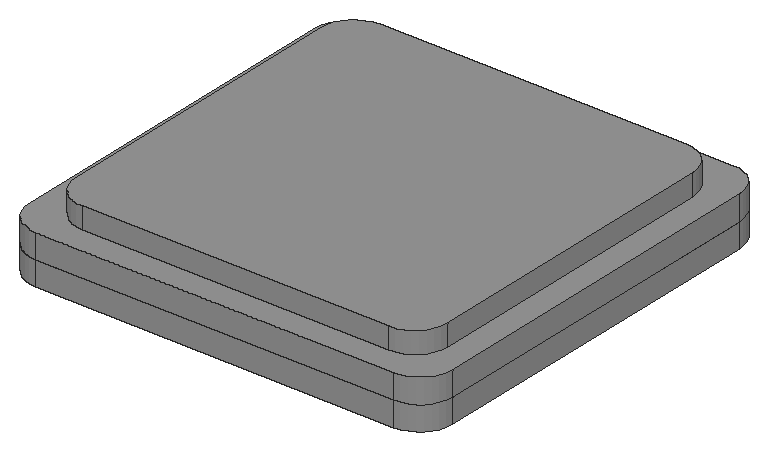
Revit family "FMS2_63_UN_Surface-mounted_ETK", category Lighting Fixtures, Revit 2019 (continued)
Definition of nested family "FMS.2 - Lightsource"
  Types (14, lengths in mm): name | Wattage Comments | Wattage | built-in parameter 1150134 | Photometric Web File | built-in parameter 1150142 | built-in parameter 1150105 | Lumens | built-in parameter 1150107 | built-in parameter 1150106 | Apparent Load
      9.7917\t123.2377\t116.8268\t110.5018\t104.1768\t97.9949\t91.9274\t85.9745\t80.136\t74.3834\r\n69.2032\t64.2519\t59.3579\t54.5211\t49.7416\t42.1573\t24.6733\t7.1321\t0\t0\r\n0\r\n985.6728\t985.1004\t984.528\t983.9556\t983.3832\t982.8108\t982.2384\t981.3798\t980.5212\t979.6626\r\n978.804\t977.6592\t976.2282\t974.7972\t973.3662\t971.9352\t970.5042\t969.0732\t967.356\t965.925\r\n964.2078\t962.4906\t960.4872\t958.1976\t956.1942\t953.9046\t951.615\t948.753\t946.1772\t943.8876\r\n941.598\t938.736\t935.874\t933.012\t930.4362\t927.5742\t924.9984\t921.564\t918.4158\t914.9814\r\n911.8332\t908.3988\t904.6782\t901.2438\t897.5232\t893.8026\t890.3682\t886.6476\t882.6408\t878.9202\r\n875.1996\t871.1928\t867.186\t862.893\t858.3138\t853.4484\t848.2968\t843.4314\t838.2798\t833.4144\r\n828.2628\t823.3974\t818.2458\t812.808\t807.3702\t801.9324\t796.7808\t791.343\t785.619\t779.895\r\n774.4572\t769.0194\t763.0092\t757.2852\t751.5612\t745.8372\t739.827\t734.103\t728.0928\t722.0826\r\n716.0724\t710.0622\t704.052\t698.0418\t692.0316\t685.7352\t679.725\t673.4286\t667.1322\t660.5496\r\n654.2532\t647.9568\t641.6604\t635.364\t628.4952\t621.3402\t613.899\t606.744\t599.589\t592.434\r\n585.279\t577.5516\t570.1104\t562.9554\t555.8004\t548.3592\t540.6318\t533.1906\t525.7494\t518.5944\r\n511.1532\t503.712\t496.2708\t488.8296\t481.3884\t473.9472\t466.2198\t458.7786\t451.6236\t443.8962\r\n435.8826\t427.869\t419.8554\t411.8418\t403.8282\t396.1008\t388.3734\t380.3598\t372.3462\t364.6188\r\n356.8914\t349.164\t341.4366\t333.9954\t326.268\t318.8268\t311.0994\t302.7996\t294.2136\t286.0569\r\n277.8716\t269.8294\t261.8158\t253.888\t245.9889\t238.147\t230.391\t222.7208\t215.1652\t207.495\r\n199.9966\t192.584\t185.2859\t178.0736\t170.9186\t163.8495\t156.8662\t149.9974\t143.1286\t136.2884\r\n129.5341\t122.8657\t116.3117\t109.8149\t103.4041\t97.079\t90.983\t85.5166\t80.136\t74.7841\r\n69.4607\t64.1947\t58.9858\t53.777\t39.467\t24.1467\t8.7949\t0\t0\t0\r\n0\r\n985.6728\t985.1004\t984.2418\t983.6694\t983.097\t982.5246\t981.666\t981.0936\t980.235\t979.3764\r\n978.2316\t977.373\t975.942\t974.2248\t972.7938\t971.3628\t969.9318\t968.5008\t967.0698\t965.3526\r\n963.6354\t961.9182\t960.201\t957.9114\t955.908\t953.9046\t951.615\t949.0392\t946.4634\t943.8876\r\n941.598\t939.3084\t936.4464\t933.5844\t930.7224\t928.1466\t925.2846\t922.7088\t919.5606\t916.4124\r\n913.2642\t909.8298\t906.6816\t903.2472\t899.5266\t896.0922\t891.7992\t887.5062\t883.2132\t878.9202\r\n874.6272\t870.048\t865.4688\t861.1758\t856.3104\t851.445\t846.2934\t841.428\t836.5626\t831.411\r\n826.5456\t821.394\t816.2424\t811.377\t806.5116\t801.36\t795.9222\t790.4844\t785.3328\t780.1812\r\n774.7434\t769.3056\t763.8678\t758.43\t752.9922\t747.2682\t741.5442\t735.8202\t730.0962\t724.3722\r\n718.6482\t712.9242\t706.6278\t699.759\t693.1764\t686.3076\t679.725\t673.1424\t666.5598\t659.691\r\n652.8222\t645.9534\t639.0846\t631.9296\t625.0608\t618.192\t611.3232\t604.4544\t597.5856\t590.4306\r\n583.5618\t576.4068\t569.538\t562.6692\t555.5142\t548.3592\t541.2042\t534.3354\t526.8942\t519.1668\r\n511.7256\t503.712\t495.9846\t488.2572\t480.5298\t473.0886\t465.3612\t457.92\t450.1926\t442.4652\r\n434.7378\t427.2966\t419.5692\t412.4142\t404.973\t397.2456\t389.8044\t381.7908\t373.491\t365.1912\r\n357.1776\t348.8778\t340.8642\t332.5644\t324.837\t316.8234\t308.8098\t300.7962\t292.7826\t284.8549\r\n277.0988\t269.3714\t261.4437\t253.516\t245.6455\t237.8322\t230.1334\t222.5205\t214.9934\t207.5236\r\n200.1397\t192.7843\t185.4862\t178.1595\t170.8614\t163.6492\t156.4942\t149.425\t142.4131\t135.4585\r\n128.5897\t121.7781\t115.0524\t108.756\t102.9748\t97.2508\t91.5554\t85.8886\t80.2505\t74.6696\r\n69.1173\t63.5936\t53.5194\t39.3239\t25.1141\t10.8899\t0\t0\t0\t0\r\n0\r\n985.6728\t985.1004\t984.2418\t983.6694\t982.8108\t982.2384\t981.3798\t980.8074\t979.6626\t978.804\r\n977.9454\t976.8006\t975.6558\t973.9386\t972.5076\t971.0766\t969.6456\t968.2146\t966.7836\t965.0664\r\n963.3492\t961.632\t959.9148\t958.1976\t956.1942\t953.9046\t951.9012\t949.6116\t947.0358\t944.46\r\n941.8842\t939.5946\t937.305\t934.7292\t931.8672\t929.2914\t926.7156\t923.8536\t921.2778\t918.1296\r\n914.409\t910.4022\t906.3954\t902.3886\t898.3818\t894.0888\t889.7958\t885.5028\t881.2098\t876.9168\r\n872.6238\t868.617\t864.0378\t859.4586\t854.8794\t850.5864\t846.0072\t841.1418\t836.2764\t831.411\r\n826.8318\t822.2526\t817.101\t811.9494\t806.7978\t801.9324\t797.067\t792.2016\t787.6224\t782.1846\r\n776.7468\t771.5952\t766.7298\t761.0058\t754.7094\t748.1268\t741.8304\t735.534\t729.5238\t722.9412\r\n716.6448\t710.3484\t703.7658\t697.1832\t690.8868\t684.3042\t677.7216\t671.4252\t664.8426\t658.26\r\n651.6774\t645.0948\t638.5122\t632.2158\t625.347\t618.7644\t611.8956\t605.313\t598.7304\t591.5754\r\n584.4204\t576.9792\t569.538\t562.0968\t554.9418\t547.5006\t540.0594\t532.6182\t525.177\t518.022\r\n510.5808\t503.1396\t495.9846\t488.5434\t481.1022\t473.9472\t466.7922\t459.6372\t452.196\t444.4686\r\n436.1688\t428.1552\t419.8554\t411.8418\t403.542\t395.5284\t387.5148\t379.7874\t371.7738\t363.7602\r\n355.7466\t347.733\t340.0056\t332.2782\t324.5508\t316.8234\t308.5236\t300.51\t292.4964\t284.6259\r\n276.7268\t268.8563\t261.043\t253.287\t245.5882\t237.9467\t230.3624\t222.8639\t215.3369\t207.724\r\n200.1683\t192.6412\t185.1714\t177.7302\t170.3749\t163.0481\t155.7787\t148.5664\t141.44\t134.3137\r\n127.8169\t121.7209\t115.6534\t109.6432\t103.633\t97.6801\t91.7557\t85.86\t79.9929\t74.1544\r\n67.7435\t54.1777\t40.6118\t27.0373\t13.4571\t0\t0\t0\t0\t0\r\n0\r\n985.6728\t984.8142\t984.2418\t983.3832\t982.8108\t981.9522\t981.0936\t980.5212\t979.3764\t978.5178\r\n977.373\t976.2282\t975.3696\t973.9386\t972.5076\t970.7904\t969.3594\t967.9284\t966.4974\t965.0664\r\n963.3492\t961.632\t959.9148\t958.1976\t956.4804\t954.477\t952.4736\t950.4702\t948.1806\t945.6048\r\n943.3152\t940.7394\t938.4498\t936.1602\t933.8706\t930.4362\t926.7156\t923.2812\t919.5606\t915.84\r\n912.1194\t908.685\t904.6782\t900.9576\t896.9508\t892.944\t888.651\t884.6442\t880.6374\t876.3444\r\n872.0514\t867.7584\t863.4654\t859.4586\t855.1656\t850.8726\t846.2934\t841.7142\t837.4212\t832.842\r\n828.2628\t823.3974\t818.532\t814.239\t809.946\t805.3668\t799.0704\t793.0602\t787.05\t781.0398\r\n775.3158\t769.5918\t763.8678\t757.8576\t751.8474\t745.551\t739.827\t733.8168\t727.8066\t721.7964\r\n715.5\t709.2036\t703.1934\t696.897\t690.8868\t684.8766\t678.8664\t672.57\t666.2736\t659.9772\r\n653.6808\t646.812\t639.657\t632.502\t625.6332\t618.4782\t611.3232\t604.1682\t597.0132\t590.1444\r\n582.9894\t575.8344\t568.6794\t561.5244\t554.6556\t547.5006\t540.6318\t533.4768\t526.3218\t519.1668\r\n512.298\t505.143\t497.7018\t489.6882\t481.6746\t473.661\t465.6474\t457.92\t449.9064\t442.179\r\n434.4516\t426.438\t418.7106\t410.697\t402.9696\t395.2422\t387.5148\t379.7874\t372.06\t364.3326\r\n356.0328\t348.0192\t340.0056\t331.992\t323.9784\t315.9648\t307.9512\t300.2238\t292.2102\t284.4542\r\n276.7268\t269.028\t261.3865\t253.8022\t246.0175\t238.147\t230.3624\t222.5777\t214.879\t207.1802\r\n199.5673\t191.9543\t184.4273\t176.9002\t169.459\t162.0178\t154.6339\t147.8223\t141.44\t135.115\r\n128.79\t122.5222\t116.2544\t110.0439\t103.8334\t97.6801\t91.5268\t85.4021\t79.2774\t69.289\r\n56.1238\t42.93\t29.7362\t16.5509\t3.3571\t0\t0\t0\t0\t0\r\n0\r\n985.6728\t984.8142\t983.9556\t983.3832\t982.5246\t981.666\t980.8074\t979.9488\t979.0902\t978.2316\r\n977.0868\t975.942\t974.7972\t973.9386\t972.2214\t970.7904\t969.3594\t967.9284\t966.4974\t965.0664\r\n963.3492\t961.9182\t960.201\t958.4838\t956.7666\t955.0494\t953.3322\t951.3288\t949.3254\t947.322\r\n945.0324\t942.1704\t938.736\t935.3016\t931.8672\t928.719\t925.2846\t921.8502\t918.1296\t914.6952\r\n910.9746\t907.254\t903.5334\t899.8128\t896.0922\t892.3716\t888.3648\t884.6442\t880.6374\t876.6306\r\n872.3376\t868.3308\t864.324\t860.6034\t856.3104\t852.0174\t847.7244\t843.7176\t839.7108\t835.4178\r\n829.98\t824.256\t818.8182\t813.3804\t807.9426\t802.2186\t796.4946\t790.7706\t785.3328\t779.895\r\n774.4572\t768.447\t762.4368\t756.7128\t750.9888\t744.9786\t739.2546\t733.5306\t727.8066\t722.0826\r\n716.0724\t710.3484\t704.3382\t698.6142\t692.604\t686.0214\t678.8664\t671.9976\t665.415\t658.5462\r\n651.6774\t645.0948\t638.226\t631.6434\t624.7746\t617.9058\t611.037\t604.1682\t597.2994\t590.4306\r\n583.5618\t576.693\t570.1104\t563.2416\t556.659\t549.7902\t542.0628\t534.3354\t526.3218\t518.5944\r\n510.867\t503.1396\t495.4122\t487.971\t480.2436\t472.5162\t464.7888\t457.0614\t449.334\t441.6066\r\n434.1654\t426.7242\t418.9968\t411.5556\t403.542\t395.5284\t387.5148\t379.5012\t371.4876\t363.474\r\n355.7466\t347.733\t339.7194\t331.992\t323.9784\t316.251\t308.5236\t300.7962\t293.0688\t285.2842\r\n277.385\t269.3428\t261.3578\t253.4301\t245.531\t237.6891\t229.8472\t222.0626\t214.2779\t206.5505\r\n198.8518\t191.1816\t183.5687\t175.9558\t168.6863\t162.0464\t155.4638\t148.8812\t142.3559\t135.8305\r\n129.3338\t122.8657\t116.4262\t109.9867\t103.5758\t97.1935\t90.8113\t84.4576\t71.9507\t59.0144\r\n46.0782\t33.142\t20.2143\t7.2781\t0\t0\t0\t0\t0\t0\r\n0\r\n985.6728\t984.8142\t983.9556\t983.097\t982.2384\t981.3798\t980.5212\t979.6626\t978.804\t977.9454\r\n976.8006\t975.6558\t974.511\t973.6524\t972.5076\t971.0766\t969.6456\t967.9284\t966.4974\t965.0664\r\n963.6354\t962.2044\t960.7734\t959.0562\t957.339\t955.908\t954.1908\t952.4736\t950.4702\t947.6082\r\n944.46\t941.3118\t937.8774\t934.443\t931.0086\t927.5742\t924.1398\t920.7054\t917.271\t913.8366\r\n910.4022\t906.9678\t903.2472\t899.8128\t896.0922\t892.3716\t888.651\t884.9304\t881.2098\t877.4892\r\n873.7686\t869.7618\t866.0412\t862.0344\t858.0276\t853.1622\t848.2968\t843.1452\t838.2798\t832.842\r\n827.6904\t822.5388\t817.101\t811.9494\t806.5116\t801.0738\t795.636\t790.1982\t784.7604\t779.3226\r\n773.8848\t768.447\t763.0092\t757.5714\t752.1336\t746.4096\t740.9718\t735.2478\t729.81\t723.5136\r\n716.931\t710.3484\t703.7658\t697.1832\t690.6006\t684.018\t677.4354\t670.8528\t664.5564\t657.9738\r\n651.3912\t644.8086\t638.226\t631.3572\t624.7746\t618.192\t611.8956\t605.313\t598.7304\t592.1478\r\n585.279\t577.8378\t570.1104\t562.6692\t555.228\t547.7868\t540.0594\t532.6182\t525.177\t517.4496\r\n510.0084\t502.281\t494.8398\t487.3986\t479.9574\t472.8024\t465.3612\t457.92\t450.4788\t442.7514\r\n434.7378\t426.7242\t418.7106\t410.697\t402.6834\t394.956\t386.9424\t378.9288\t371.2014\t363.474\r\n355.4604\t347.733\t340.0056\t332.2782\t324.5508\t316.8234\t308.8098\t300.7962\t292.7826\t284.7404\r\n276.7554\t268.7704\t260.8427\t252.9149\t245.0444\t237.1739\t229.3321\t221.4902\t213.6769\t205.8923\r\n198.1076\t190.3516\t183.3683\t176.5568\t169.7738\t162.9909\t156.2652\t149.5395\t142.8424\t136.1453\r\n129.5055\t122.8657\t116.2258\t109.6146\t103.0034\t96.4208\t88.5217\t75.7285\t62.9354\t50.1422\r\n37.3491\t24.556\t11.7657\t0\t0\t0\t0\t0\t0\t0\r\n0\r\n985.6728\t984.8142\t983.9556\t983.097\t982.2384\t981.3798\t980.5212\t979.6626\t978.804\t977.6592\r\n976.8006\t975.6558\t974.511\t973.3662\t972.2214\t971.0766\t969.6456\t968.2146\t967.0698\t965.6388\r\n964.2078\t962.4906\t961.0596\t959.6286\t958.1976\t956.7666\t955.0494\t952.1874\t949.0392\t946.1772\r\n943.029\t940.167\t937.0188\t933.8706\t930.7224\t927.288\t923.8536\t920.4192\t917.271\t913.8366\r\n910.4022\t906.9678\t903.5334\t900.099\t896.6646\t893.2302\t889.7958\t886.3614\t882.6408\t878.9202\r\n875.1996\t871.1928\t866.3274\t861.462\t856.5966\t851.7312\t846.5796\t841.7142\t836.5626\t831.411\r\n826.2594\t821.394\t816.2424\t811.0908\t806.2254\t801.0738\t795.9222\t790.7706\t785.619\t780.1812\r\n774.7434\t769.5918\t764.154\t759.0024\t753.5646\t747.2682\t740.9718\t734.6754\t728.379\t722.0826\r\n715.7862\t709.4898\t703.1934\t696.897\t690.3144\t684.018\t677.4354\t671.139\t664.8426\t658.26\r\n651.9636\t645.6672\t639.3708\t633.0744\t626.4918\t620.1954\t613.0404\t605.5992\t598.4442\t591.003\r\n583.5618\t576.4068\t568.9656\t561.5244\t554.0832\t546.642\t539.487\t532.0458\t524.6046\t517.4496\r\n510.0084\t502.8534\t495.4122\t488.2572\t480.816\t473.3748\t465.3612\t457.6338\t449.6202\t441.8928\r\n433.8792\t426.1518\t418.1382\t410.4108\t402.3972\t394.6698\t386.6562\t378.9288\t371.2014\t363.474\r\n355.7466\t348.0192\t340.578\t332.5644\t324.2646\t316.251\t308.2374\t300.2238\t292.2102\t284.1394\r\n276.183\t268.2266\t260.2703\t252.3425\t244.4148\t236.4871\t228.5879\t220.6888\t212.8183\t205.0909\r\n198.1363\t191.1816\t184.2556\t177.3295\t170.4321\t163.5633\t156.6945\t149.8257\t143.0141\t136.174\r\n129.3624\t122.5795\t115.7965\t109.0136\t102.2306\t93.1867\t80.4794\t67.7722\t55.0649\t42.3576\r\n29.6217\t16.9259\t4.2129\t0\t0\t0\t0\t0\t0\t0\r\n0\r\n985.6728\t984.8142\t983.9556\t983.097\t981.9522\t981.0936\t980.235\t979.3764\t978.5178\t977.6592\r\n976.5144\t975.6558\t974.511\t973.3662\t972.2214\t971.0766\t969.9318\t968.787\t967.356\t965.925\r\n964.7802\t963.3492\t961.9182\t960.4872\t959.0562\t956.7666\t953.9046\t951.0426\t948.1806\t945.0324\r\n942.1704\t939.0222\t936.1602\t933.012\t930.15\t927.0018\t923.8536\t920.7054\t917.5572\t914.1228\r\n910.9746\t907.5402\t904.392\t900.9576\t897.8094\t894.375\t891.2268\t887.7924\t884.0718\t879.2064\r\n874.6272\t869.7618\t865.1826\t860.3172\t855.4518\t850.5864\t845.721\t840.5694\t835.704\t831.1248\r\n826.2594\t821.394\t816.5286\t811.6632\t806.5116\t801.36\t796.4946\t791.6292\t786.4776\t781.6122\r\n776.4606\t770.7366\t764.7264\t758.43\t752.4198\t746.4096\t740.1132\t734.103\t727.8066\t721.5102\r\n715.2138\t708.9174\t702.9072\t696.6108\t690.3144\t684.3042\t678.0078\t671.9976\t665.7012\t659.691\r\n653.6808\t647.3844\t640.5156\t633.3606\t626.2056\t619.0506\t611.6094\t604.4544\t597.2994\t589.8582\r\n582.7032\t575.5482\t568.3932\t561.2382\t554.0832\t546.9282\t539.7732\t532.6182\t525.4632\t518.5944\r\n511.4394\t503.9982\t496.2708\t488.2572\t480.2436\t472.5162\t464.7888\t456.7752\t449.0478\t441.3204\r\n433.593\t425.8656\t418.1382\t410.4108\t402.6834\t394.956\t387.2286\t379.5012\t371.7738\t364.3326\r\n356.319\t348.0192\t340.0056\t331.992\t323.6922\t315.6786\t307.665\t299.6514\t291.6378\t283.6528\r\n275.6678\t267.6829\t259.7265\t251.7701\t243.8138\t235.886\t227.9869\t220.2595\t213.1904\t206.1212\r\n199.0807\t192.0402\t184.9997\t177.9878\t170.9759\t163.964\t156.9521\t149.9688\t142.9855\t136.0309\r\n129.0762\t122.1215\t115.1955\t108.2408\t98.8249\t86.1462\t73.4675\t60.8175\t48.1388\t35.4888\r\n22.8187\t10.1544\t0\t0\t0\t0\t0\t0\t0\t0\r\n0\r\n985.6728\t984.8142\t983.9556\t982.8108\t981.9522\t981.0936\t980.235\t979.3764\t978.2316\t977.373\r\n976.5144\t975.6558\t974.511\t973.3662\t972.2214\t971.0766\t969.9318\t968.787\t967.6422\t966.4974\r\n965.3526\t963.9216\t962.7768\t961.3458\t958.77\t955.908\t953.046\t950.184\t947.322\t944.1738\r\n941.3118\t938.4498\t935.5878\t932.7258\t929.5776\t926.7156\t923.5674\t920.7054\t917.5572\t914.6952\r\n911.547\t908.3988\t905.2506\t902.1024\t898.9542\t895.806\t891.7992\t887.22\t882.6408\t878.0616\r\n873.4824\t868.9032\t864.324\t859.4586\t854.8794\t850.014\t845.1486\t840.5694\t835.704\t831.1248\r\n826.5456\t821.6802\t817.101\t812.2356\t807.3702\t802.5048\t797.6394\t792.774\t787.3362\t781.6122\r\n775.602\t769.878\t763.8678\t757.5714\t751.5612\t745.551\t739.5408\t733.5306\t727.5204\t721.5102\r\n715.5\t709.776\t703.7658\t697.7556\t691.4592\t685.449\t679.4388\t673.4286\t667.7046\t660.8358\r\n653.6808\t646.5258\t639.3708\t632.2158\t625.0608\t618.192\t611.037\t603.882\t596.727\t589.8582\r\n582.7032\t575.8344\t568.6794\t561.8106\t554.6556\t547.5006\t540.6318\t533.4768\t526.608\t518.8806\r\n510.867\t503.1396\t495.4122\t487.6848\t479.9574\t472.23\t464.5026\t456.7752\t449.0478\t441.3204\r\n433.593\t426.1518\t418.4244\t410.697\t402.9696\t395.5284\t387.801\t380.0736\t371.7738\t363.7602\r\n355.7466\t347.733\t339.4332\t331.4196\t323.406\t315.3924\t307.3788\t299.3652\t291.3516\t283.3666\r\n275.3816\t267.3967\t259.4403\t251.4553\t243.499\t235.5712\t228.3876\t221.2612\t214.1062\t206.9798\r\n199.8535\t192.7557\t185.6579\t178.5602\t171.4624\t164.3933\t157.3241\t150.255\t143.1859\t136.1453\r\n129.0762\t122.0357\t115.0238\t105.9226\t93.1867\t80.4794\t67.7722\t55.0649\t42.3576\t29.6503\r\n16.9516\t4.2472\t0\t0\t0\t0\t0\t0\t0\t0\r\n0\r\n985.6728\t984.8142\t983.9556\t982.8108\t981.9522\t981.0936\t980.235\t979.0902\t978.2316\t977.373\r\n976.2282\t975.3696\t974.511\t973.6524\t972.5076\t971.649\t970.218\t969.0732\t967.9284\t966.7836\r\n965.6388\t964.494\t963.3492\t960.4872\t957.9114\t955.0494\t952.4736\t949.6116\t946.7496\t944.1738\r\n941.0256\t938.1636\t935.3016\t932.4396\t929.5776\t926.7156\t923.8536\t920.7054\t917.8434\t914.9814\r\n912.1194\t908.9712\t906.1092\t902.961\t899.8128\t895.2336\t890.9406\t886.3614\t882.0684\t877.4892\r\n872.91\t868.3308\t863.7516\t859.4586\t854.8794\t850.3002\t845.721\t840.8556\t836.2764\t831.6972\r\n827.118\t822.5388\t817.9596\t813.0942\t808.515\t803.9358\t797.9256\t792.2016\t786.1914\t780.1812\r\n774.4572\t768.7332\t762.723\t756.999\t751.275\t745.2648\t739.5408\t733.5306\t727.5204\t721.7964\r\n715.7862\t710.0622\t704.052\t698.328\t692.3178\t686.3076\t680.0112\t673.1424\t665.9874\t659.1186\r\n652.2498\t645.381\t638.226\t631.3572\t624.4884\t617.6196\t610.7508\t603.882\t596.727\t589.8582\r\n582.9894\t576.1206\t568.9656\t562.0968\t555.228\t548.073\t540.918\t533.1906\t525.4632\t518.022\r\n510.2946\t502.5672\t494.8398\t487.1124\t479.6712\t471.9438\t464.2164\t456.7752\t449.0478\t441.6066\r\n433.8792\t426.438\t418.7106\t411.2694\t403.542\t395.8146\t387.801\t379.7874\t371.4876\t363.474\r\n355.4604\t347.4468\t339.4332\t331.4196\t323.406\t315.3924\t307.3788\t299.3652\t291.3516\t283.2235\r\n275.2099\t267.1963\t259.2113\t251.2264\t243.6421\t236.4012\t229.189\t221.9767\t214.7645\t207.5522\r\n200.3686\t193.185\t186.0014\t178.8178\t171.6341\t164.4791\t157.2955\t150.1405\t143.0141\t135.8591\r\n128.7041\t121.5778\t113.5642\t100.8569\t88.121\t75.4137\t62.7064\t49.9991\t37.2919\t24.5674\r\n11.8573\t0\t0\t0\t0\t0\t0\t0\t0\t0\r\n0\r\n985.6728\t984.8142\t983.6694\t982.8108\t981.9522\t981.0936\t980.235\t979.0902\t978.2316\t977.373\r\n976.2282\t975.3696\t974.2248\t973.3662\t972.5076\t971.649\t970.5042\t969.6456\t968.787\t967.6422\r\n966.4974\t965.3526\t962.7768\t960.201\t957.339\t954.477\t951.9012\t949.0392\t946.4634\t943.6014\r\n941.0256\t938.1636\t935.3016\t932.7258\t929.8638\t
